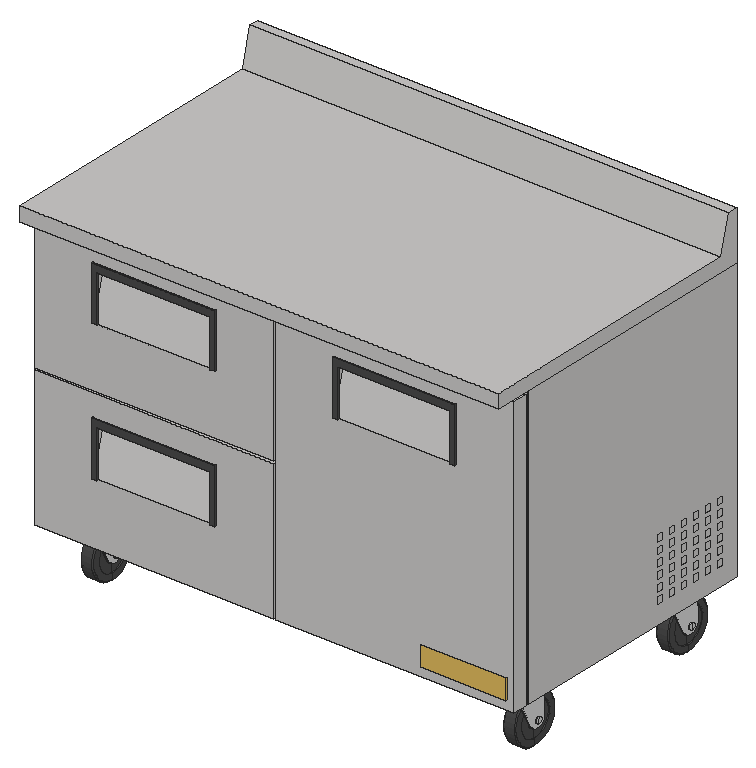
Revit family (continued)
Definition of nested family "True_TWT-48D-2"
  Automatic sketch dimensions
    Revolve 33 sketch curve to Revolve 33 sketch curve = 0.06101"
    Revolve 33 sketch curve to Revolve 33 sketch curve = 0.16509"  (x2)
    Revolve 33 sketch curve to Revolve 33 sketch curve = 0.39592"
    Revolve 33 sketch curve to plane 7 = 1 3/16"
    Revolve 33 sketch curve to Revolve 33 sketch curve = 0.10408"
    Revolve 33 sketch curve to Revolve 33 sketch curve = 0.59652"
    Revolve 33 sketch curve to Revolve 33 sketch curve = 0.60059"
    Revolve 33 sketch curve to Revolve 33 sketch curve = 1 1/4"
    Revolve 33 sketch curve to Revolve 33 sketch curve = 0"
    Revolve 33 sketch curve to Revolve 33 sketch curve = 1/4"  (x2)
    Revolve 33 sketch curve to Revolve 33 sketch curve = 0.29941"  (x2)
    Extrusion 34 sketch curve to Extrusion 34 sketch curve = 0.811"
    level to Extrusion 34 sketch curve = 2 11/32"
    Extrusion 35 sketch curve to plane 4 "RIGHT" = 48 5/16"
    Extrusion 35 sketch curve to plane 5 "FRONT" = 1.9325"
    Extrusion 35 sketch curve to Extrusion 35 sketch curve = 24 1/16"
    plane 5 "FRONT" to Extrusion 35 sketch curve = 19 11/16"
    plane 5 "FRONT" to Extrusion 36 sketch curve = 22.11872"
    plane 4 "RIGHT" to Extrusion 36 sketch curve = 0"
    Extrusion 36 sketch curve to plane 5 "FRONT" = 1.9325"
    Extrusion 37 sketch curve to plane 4 "RIGHT" = 48 5/16"
    Extrusion 37 sketch curve to plane 5 "FRONT" = 1.9325"
    Extrusion 37 sketch curve to Extrusion 37 sketch curve = 24.04253"
    plane 3 "LEFT" to Extrusion 38 sketch curve = 0"
    Extrusion 38 sketch curve to plane 7 = 0"
    plane 7 to Extrusion 38 sketch curve = 6.32713"
    Extrusion 38 sketch curve to Extrusion 38 sketch curve = 5 1/2"
    Extrusion 38 sketch curve to Extrusion 38 sketch curve = 2.22073"
    Extrusion 38 sketch curve to Extrusion 38 sketch curve = 0.21677"
    Extrusion 38 sketch curve to Extrusion 38 sketch curve = 6.11037"
    Extrusion 38 sketch curve to plane 8 = 3 7/8"
    Extrusion 38 sketch curve to plane 8 = 1.65427"
    Split face 1 sketch curve to Extrusion 17 = 1/8"  (x4)
    Split face 2 sketch curve to Extrusion 17 = 0.25767"
    Split face 2 sketch curve to Extrusion 17 = 0.2"  (x2)
    Split face 2 sketch curve to Extrusion 17 = 1.18298"
    Split face 2 sketch curve to Split face 2 sketch curve = 1.70946"  (x2)
    Split face 3 sketch curve to Extrusion 17 = 0.52695"  (x2)
    Split face 3 sketch curve to Extrusion 17 = 3.22707"
    Split face 3 sketch curve to Split face 3 sketch curve = 0.07873"  (x5)
    Split face 3 sketch curve to Split face 3 sketch curve = 0.77414"
    Split face 3 sketch curve to Split face 3 sketch curve = 0.03432"
    Split face 3 sketch curve to Split face 3 sketch curve = 0.06431"
    Split face 3 sketch curve to Split face 3 sketch curve = 0.25054"
    Split face 3 sketch curve to Split face 3 sketch curve = 0.02261"  (x2)
    Split face 3 sketch curve to Split face 3 sketch curve = 0.21813"
    Split face 3 sketch curve to Split face 3 sketch curve = 0.02408"
    Split face 3 sketch curve to Split face 3 sketch curve = 0.06023"
    Split face 3 sketch curve to Split face 3 sketch curve = 0.11378"
    Split face 3 sketch curve to Split face 3 sketch curve = 0.14695"
    Split face 3 sketch curve to Split face 3 sketch curve = 0.34493"
    Split face 3 sketch curve to Split face 3 sketch curve = 0.01637"
    Split face 3 sketch curve to Split face 3 sketch curve = 0.09412"
    Split face 3 sketch curve to Split face 3 sketch curve = 0.13853"
    Split face 3 sketch curve to Extrusion 17 = 0.66434"
    Split face 3 sketch curve to Split face 3 sketch curve = 0.17302"
    Split face 3 sketch curve to Split face 3 sketch curve = 0.10273"
    Split face 3 sketch curve to Split face 3 sketch curve = 0.00676"
    Split face 3 sketch curve to Split face 3 sketch curve = 0.01053"
    Split face 3 sketch curve to Extrusion 17 = 0.81898"
    Split face 3 sketch curve to Split face 3 sketch curve = 0.27691"
    Split face 3 sketch curve to Split face 3 sketch curve = 0.09352"
    Split face 3 sketch curve to Split face 3 sketch curve = 0.05688"
    Split face 3 sketch curve to Split face 3 sketch curve = 0.06293"
    Split face 3 sketch curve to Extrusion 17 = 0.35812"
    Split face 3 sketch curve to Split face 3 sketch curve = 0.19074"
    Split face 3 sketch curve to Split face 3 sketch curve = 0.01406"
    Split face 3 sketch curve to Extrusion 17 = 0.79796"
    Split face 3 sketch curve to Split face 3 sketch curve = 0.03026"
    Split face 3 sketch curve to Extrusion 17 = 0.99088"
    Split face 3 sketch curve to Split face 3 sketch curve = 0.04866"
    Split face 3 sketch curve to Split face 3 sketch curve = 0.06314"
    Split face 3 sketch curve to Split face 3 sketch curve = 0.00607"
    Split face 3 sketch curve to Split face 3 sketch curve = 0.16421"
    Split face 3 sketch curve to Split face 3 sketch curve = 0.16334"
    Split face 3 sketch curve to Split face 3 sketch curve = 0.08623"
    Split face 3 sketch curve to Split face 3 sketch curve = 0.34756"
    Split face 3 sketch curve to Split face 3 sketch curve = 0.00399"
    Split face 3 sketch curve to Split face 3 sketch curve = 0.06907"
    Split face 3 sketch curve to Split face 3 sketch curve = 0.06966"
    Split face 3 sketch curve to Extrusion 17 = 0.97667"
    Split face 3 sketch curve to Split face 3 sketch curve = 0.11037"
    Split face 3 sketch curve to Split face 3 sketch curve = 0.05796"
    Split face 3 sketch curve to Split face 3 sketch curve = 0.14943"
    Split face 3 sketch curve to Split face 3 sketch curve = 0.03223"
    Split face 3 sketch curve to Extrusion 17 = 0.59505"  (x2)
    Split face 3 sketch curve to Split face 3 sketch curve = 0.24167"
    Split face 3 sketch curve to Split face 3 sketch curve = 0.04402"
    Split face 3 sketch curve to Split face 3 sketch curve = 0.12306"
    Split face 3 sketch curve to Split face 3 sketch curve = 0.20358"
    Split face 3 sketch curve to Split face 3 sketch curve = 0.03919"
    Split face 3 sketch curve to Split face 3 sketch curve = 0.07455"
    Split face 3 sketch curve to Split face 3 sketch curve = 0.0515"
    Split face 3 sketch curve to Extrusion 17 = 0.98222"
    Split face 3 sketch curve to Split face 3 sketch curve = 0.09893"
    Split face 3 sketch curve to Split face 3 sketch curve = 0.1303"
    Split face 3 sketch curve to Split face 3 sketch curve = 0.03943"
    Split face 3 sketch curve to Split face 3 sketch curve = 0.39771"
    Split face 3 sketch curve to Split face 3 sketch curve = 0.07387"  (x2)
    Split face 3 sketch curve to Split face 3 sketch curve = 0.11917"
    Split face 3 sketch curve to Split face 3 sketch curve = 0.34773"
    Split face 3 sketch curve to Split face 3 sketch curve = 0.00434"
    Split face 3 sketch curve to Split face 3 sketch curve = 0.06122"
    Split face 3 sketch curve to Split face 3 sketch curve = 0.12218"
    Split face 3 sketch curve to Split face 3 sketch curve = 0.0939"
    Split face 3 sketch curve to Split face 3 sketch curve = 13/128"
    Split face 3 sketch curve to Split face 3 sketch curve = 0.01731"
    Split face 3 sketch curve to Split face 3 sketch curve = 0.02865"
    Split face 3 sketch curve to Split face 3 sketch curve = 0.00518"
    Split face 3 sketch curve to Split face 3 sketch curve = 0.04242"
    Split face 3 sketch curve to Split face 3 sketch curve = 0.06833"
    Split face 3 sketch curve to Split face 3 sketch curve = 0.12564"
    Split face 3 sketch curve to Split face 3 sketch curve = 0.02124"
    Split face 3 sketch curve to Split face 3 sketch curve = 0.22186"
    Split face 3 sketch curve to Split face 3 sketch curve = 0.12022"
    Split face 3 sketch curve to Split face 3 sketch curve = 0.1388"
    Split face 3 sketch curve to Split face 3 sketch curve = 0.07457"
    Split face 3 sketch curve to Extrusion 17 = 0.53186"
    Split face 3 sketch curve to Split face 3 sketch curve = 0.11019"
    Split face 3 sketch curve to Split face 3 sketch curve = 0.00151"
    Split face 3 sketch curve to Split face 3 sketch curve = 0.66095"
    Split face 3 sketch curve to Split face 3 sketch curve = 0.17566"
    Split face 3 sketch curve to Split face 3 sketch curve = 0.18607"
    Split face 3 sketch curve to Split face 3 sketch curve = 0.02934"
    Split face 3 sketch curve to Split face 3 sketch curve = 0.02999"
    Split face 3 sketch curve to Split face 3 sketch curve = 0.05421"
    Split face 3 sketch curve to Split face 3 sketch curve = 0.12454"
    Split face 3 sketch curve to Split face 3 sketch curve = 0.08242"
    Split face 3 sketch curve to Split face 3 sketch curve = 0.04505"
    Split face 3 sketch curve to Split face 3 sketch curve = 0.09885"
    Split face 3 sketch curve to Split face 3 sketch curve = 0.06372"
    Split face 3 sketch curve to Split face 3 sketch curve = 0.03696"
    Split face 3 sketch curve to Split face 3 sketch curve = 0.05434"
    Split face 3 sketch curve to Split face 3 sketch curve = 0.05785"
    Split face 3 sketch curve to Split face 3 sketch curve = 0.02827"
    Split face 3 sketch curve to Split face 3 sketch curve = 0.02073"
    Split face 3 sketch curve to Split face 3 sketch curve = 0.07625"
    Split face 3 sketch curve to Split face 3 sketch curve = 0.03711"
    Split face 3 sketch curve to Split face 3 sketch curve = 0.06941"
    Split face 3 sketch curve to Split face 3 sketch curve = 0.19512"
    Split face 3 sketch curve to Split face 3 sketch curve = 0.03201"
    Split face 3 sketch curve to Split face 3 sketch curve = 0.05489"
    Split face 3 sketch curve to Split face 3 sketch curve = 0.08408"
    Split face 3 sketch curve to Split face 3 sketch curve = 0.16133"
    Split face 3 sketch curve to Split face 3 sketch curve = 0.04305"
    Split face 3 sketch curve to Split face 3 sketch curve = 0.07518"
    Split face 3 sketch curve to Split face 3 sketch curve = 0.16883"  (x2)
    Split face 4 sketch curve to Extrusion 17 = 1.351"
    Split face 4 sketch curve to Split face 4 sketch curve = 0.01633"
    Split face 4 sketch curve to Split face 4 sketch curve = 0.02586"
    Split face 4 sketch curve to Split face 4 sketch curve = 0.04758"
    Split face 4 sketch curve to Split face 4 sketch curve = 0.23951"
    Split face 4 sketch curve to Split face 4 sketch curve = 0.03026"
    Split face 4 sketch curve to Split face 4 sketch curve = 0.03624"
    Split face 4 sketch curve to Extrusion 17 = 0.77248"
    Split face 4 sketch curve to Split face 4 sketch curve = 0.01949"
    Split face 4 sketch curve to Split face 4 sketch curve = 0.00332"
    Split face 4 sketch curve to Split face 4 sketch curve = 0.02747"
    Split face 4 sketch curve to Split face 4 sketch curve = 0.0363"
    Split face 4 sketch curve to Split face 4 sketch curve = 0.05022"
    Extrusion 13 sketch curve to plane 7 = 0"
    Extrusion 13 sketch curve to plane 4 "RIGHT" = 0"
    Extrusion 13 sketch curve to plane 8 = 9 3/8"
    Extrusion 13 sketch curve to plane 8 = 3 7/8"
    Extrusion 13 sketch curve to plane 8 = 1.65427"
    Extrusion 23 sketch curve to plane 8 = 9 3/8"  (x2)
    Extrusion 23 sketch curve to plane 8 = 4 5/8"
    Extrusion 23 sketch curve to Extrusion 23 sketch curve = 3/4"
    radius of Extrusion 20 sketch curve = 15/32"
    radius of Extrusion 21 sketch curve = 1/4"
    radius of Extrusion 24 sketch curve = 15/32"
